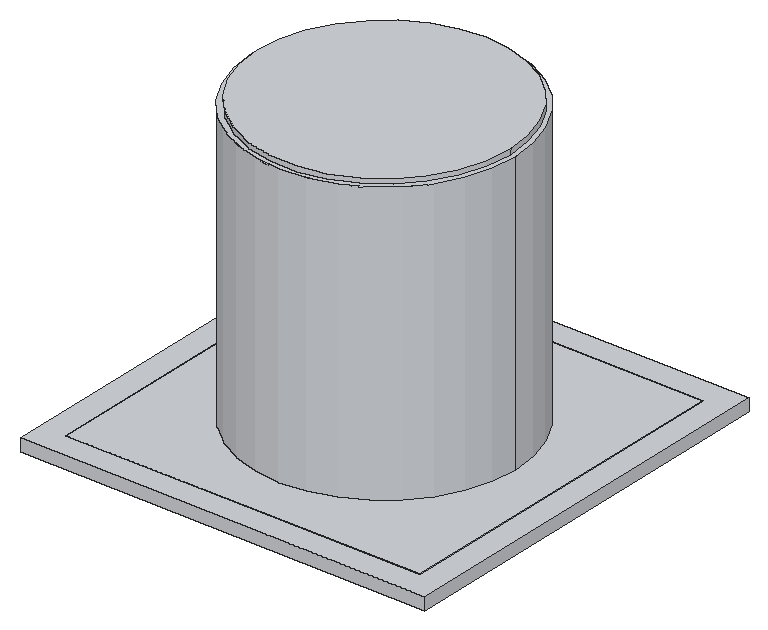
Revit family "Iluminação embutida - Simples", category Luminárias, Revit 2019
Family settings
  Hospedeiro = Forro
  Cota do conector redondo = Utilizar diâmetro
  Tipo de parte = Normal
  Número OmniClass = 23.80.70.11
  Título OmniClass = Luminaries for Internal Lighting
  Sempre na vertical = Sim
  Corte com vazios quando carregada = Não
  Fonte luminosa = Sim
  Compartilhado = Não
  Ponto de cálculo do ambiente = Não
Parameters (values of type "160 x 160 x 113mm")
  Largura = 160 mm
  Wattage = 100 W
  W1 = 140 mm
  built-in parameter 1150110 = 1 (stored number, unit not read)
  built-in parameter 1114217 = 1 (stored number, unit not read)
  Tilt Angle = 90.00°
  Espessura = 5 mm
  built-in parameter 1150109 = 1 (stored number, unit not read)
  built-in parameter 1150134 = (empty or 0)
  built-in parameter 1150113 = 1 (stored number, unit not read)
  built-in parameter 1010507 = 1.5708 (stored number, unit not read)
  built-in parameter 1010506 = 1.5708 (stored number, unit not read)
  Raio = 50 mm
  R2 = R1 + 2 mm  # 52 mm
  R1 = Raio  # 50 mm
  Lumens = 2400 lm
  built-in parameter 1150115 = 1 (stored number, unit not read)
  built-in parameter 1150105 = 1772.6 (stored number, unit not read)
  Light Source Symbol Length = 3048 mm
  built-in parameter 1150137 = (empty or 0)
  built-in parameter 1150139 = (empty or 0)
  Material da luminária = none
  built-in parameter 1150112 = 1 (stored number, unit not read)
  built-in parameter 1150114 = 1 (stored number, unit not read)
  built-in parameter 1150132 = (empty or 0)
  built-in parameter 1150102 = (empty or 0)
  built-in parameter 1150138 = (empty or 0)
  built-in parameter 1150107 = 3000 (stored number, unit not read)
  built-in parameter 1150106 = 17.726 (stored number, unit not read)
  Altura = 113 mm
  Material da moldura = none
  built-in parameter 1150104 = 2.2297 (stored number, unit not read)
  Dimming Lamp Color Temperature Shift = (empty or 0)
  Color Filter = 16777215
  built-in parameter 1114218 = 1 (stored number, unit not read)
  Comprimento do símbolo da fonte luminosa = 3048 mm
Types (6, lengths in mm): name | Largura | Altura
  128 x 128 x 90mm | 128 | 90
  160 x 160 x 113mm | 160 | 113
  190 x 190 x 96mm | 190 | 96
  160 x 160 x 136mm | 160 | 136
  190 x 190 x 146mm | 190 | 146
  200 x 200 x 191mm | 200 | 191
Reference planes
  plane 1 "Eixo de origem da luz (F/T)": y = 0
  plane 2 "Forro": z = 2438.4
  plane 3 "Eixo de origem da luz (E/D)": x = 0
  plane 4 "Elevação da origem da luz": z = 2438.4
  plane 5: z = 2551.4
  plane 6: z = 2433.4
  plane 7: x = -70
  plane 8: x = 70
  plane 9: y = -70
  plane 10: y = 70
  plane 11: z = 2435.9
  plane 12: z = 2549.4
  plane 13: x = -80
  plane 14: x = 80
  plane 15: y = 80
  plane 16: y = -80
Forms (mm)
  Extrusion 1, solid, material <- "Material da luminária"
    sketch origin (0, 0, 2438.4) x (1, 0, 0) y (0, 1, 0)
      loop
        circle (0, 0) r 50
      loop
        circle (0, 0) r 52
    from 0 to 111
  Extrusion 2, solid, material <- "Material da luminária"
    sketch origin (0, 0, 2438.4) x (1, 0, 0) y (0, 1, 0)
      loop
        circle (0, 0) r 50
    from 111 to 113
  Extrusion 3, solid, material <- "Material da moldura"
    sketch origin (0, 0, 2438.4) x (1, 0, 0) y (0, 1, 0)
      loop
        line (-70, 70) -> (-70, -70) -> (70, -70) -> (70, 70) -> (-70, 70)
      loop
        circle (0, 0) r 50
    from -2.5 to 0
  Extrusion 4, solid, material <- "Material da moldura"
    sketch origin (0, 0, 2438.4) x (1, 0, 0) y (0, 1, 0)
      loop
        line (-80, 80) -> (-80, -80) -> (80, -80) -> (80, 80) -> (-80, 80)
      loop
        line (-70, 70) -> (-70, -70) -> (70, -70) -> (70, 70) -> (-70, 70)
    from -5 to 0
  Extrusion 5, solid, material "Vidro, Branco, Alta Luminosidade"
    sketch origin (0, 0, 2438.4) x (1, 0, 0) y (0, 1, 0)
      loop
        circle (0, 0) r 50
    from -2.5 to 0
Cuts and joins
  joined: Extrusion 1, Extrusion 2
Lines and regions (mm)
  Opening 1
    outline origin (0, 0, 2438.4) x (1, 0, 0) y (0, 1, 0)
      loop
        circle (0, 0) r 52
Text (mm)
  text "�ngulo de inclina玢o 0" at (-1482.244, 236.007, 2133.6), in view "Nível de referência"
  text "�ngulo de inclina玢o de 180 graus" at (653.058, 236.007, 2133.6), in view "Nível de referência"
Dimensions and locks
  equal spacing: host sketch curve, plane 3 "Eixo de origem da luz (E/D)", host sketch curve
  equal spacing: host sketch curve, plane 1 "Eixo de origem da luz (F/T)", host sketch curve
  host sketch curve to host sketch curve = 3048 mm  (x2)
  "Espessura": plane 6 to plane 4 "Elevação da origem da luz"
  "Altura": plane 5 to plane 4 "Elevação da origem da luz"
  equal spacing: plane 6, plane 11, plane 4 "Elevação da origem da luz"
  locked: plane 5 to plane 12 at 2
  equal spacing: plane 10, plane 1 "Eixo de origem da luz (F/T)", plane 9
  equal spacing: plane 7, plane 3 "Eixo de origem da luz (E/D)", plane 8
  equal spacing: plane 15, plane 1 "Eixo de origem da luz (F/T)", plane 16
  "Largura": plane 13 to plane 14
  "Largura": plane 15 to plane 16
  equal spacing: plane 13, plane 3 "Eixo de origem da luz (E/D)", plane 14
  "W1": plane 7 to plane 8
  "W1": plane 10 to plane 9
  "R2": radius of Extrusion 1 sketch curve
  "R1": radius of Extrusion 1 sketch curve
  "R1": radius of Extrusion 2 sketch curve
  "R1": radius of Extrusion 3 sketch curve
  "R2": radius of Opening 1 sketch curve
  "R1": radius of Extrusion 5 sketch curve
  aligned and locked: plane 1 "Eixo de origem da luz (F/T)" to imposter light
  aligned and locked: plane 3 "Eixo de origem da luz (E/D)" to Extrusion 1 sketch curve  (x2)
  aligned and locked: plane 1 "Eixo de origem da luz (F/T)" to Extrusion 1 sketch curve  (x2)
  aligned and locked: plane 12 to Extrusion 1
  aligned and locked: plane 3 "Eixo de origem da luz (E/D)" to Extrusion 2 sketch curve
  aligned and locked: plane 1 "Eixo de origem da luz (F/T)" to Extrusion 2 sketch curve
  aligned and locked: plane 5 to Extrusion 2
  aligned and locked: Extrusion 2 to plane 12
  aligned and locked: imposter light to plane 1 "Eixo de origem da luz (F/T)"  (x2)
  aligned and locked: Extrusion 3 sketch curve to plane 10
  aligned and locked: plane 7 to Extrusion 3 sketch curve
  aligned and locked: plane 9 to Extrusion 3 sketch curve
  aligned and locked: Extrusion 3 sketch curve to plane 8
  aligned and locked: plane 3 "Eixo de origem da luz (E/D)" to Extrusion 3 sketch curve
  aligned and locked: plane 1 "Eixo de origem da luz (F/T)" to Extrusion 3 sketch curve
  aligned and locked: plane 4 "Elevação da origem da luz" to cut or joined group of Extrusion 1, Extrusion 2
  aligned and locked: Extrusion 3 to plane 4 "Elevação da origem da luz"
  aligned and locked: Extrusion 3 to plane 11
  aligned and locked: plane 13 to Extrusion 4 sketch curve
  aligned and locked: Extrusion 4 sketch curve to plane 15
  aligned and locked: Extrusion 4 sketch curve to plane 14
  aligned and locked: plane 16 to Extrusion 4 sketch curve
  aligned and locked: plane 9 to Extrusion 4 sketch curve
  aligned and locked: Extrusion 4 sketch curve to plane 8
  aligned and locked: Extrusion 4 sketch curve to plane 10
  aligned and locked: plane 7 to Extrusion 4 sketch curve
  aligned and locked: plane 6 to Extrusion 4
  aligned and locked: Extrusion 4 to plane 4 "Elevação da origem da luz"
  aligned and locked: imposter light to plane 3 "Eixo de origem da luz (E/D)"
  aligned and locked: imposter light to Opening 1 sketch curve  (x2)
  aligned and locked: imposter light to Extrusion 5 sketch curve  (x2)
  aligned and locked: Extrusion 5 to plane 11
  aligned and locked: Extrusion 5 to plane 4 "Elevação da origem da luz"
  aligned and locked: imposter light to plane 6
Types in the file's own list only (6): name | Largura | Ângulo de inclinação | Ângulo do ponto do campo | Ângulo do ponto da viga | Altura | Filtro de cor
  128x128x90mm | 128 mm | 90.00° | 90.00° | 90.00° | 90 mm | 16777215
  160x160x113mm | 160 mm | 90.00° | 90.00° | 90.00° | 113 mm | 16777215
  190x190x96mm | 190 mm | 90.00° | 90.00° | 90.00° | 96 mm | 16777215
  160x160x136mm | 160 mm | 90.00° | 90.00° | 90.00° | 136 mm | 16777215
  190x190x146mm | 190 mm | 90.00° | 90.00° | 90.00° | 146 mm | 16777215
  200x200x191mm | 200 mm | 90.00° | 90.00° | 90.00° | 191 mm | 16777215
